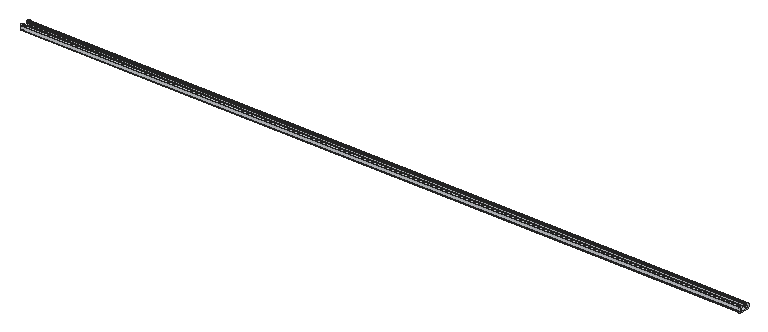
Revit family "P3300 SL", category Specialty Equipment, Revit 2012
Parameters (values of type "P3300 SL")
  ecoScorecard_data = ""
  ecoScorecard Product Page = ""
  Weight Per Foot = 1.30 lbf/ft
  Unit = none
  URL = "http://unistrut.us/index.php"
  Subcategory = "1 5/8\" Channels"
  Product Page URL = "http://unistrut.us/index.php?WP=cat_detail&S=S05&P=P3300sl"
  Part Type = "Channel"  # constant formula
  Part Number = ""
  Overall Width = 1 5/8"  # constant formula
  Overall Height = 7/8"  # constant formula
  Model = "P3300 SL"  # constant formula
  Material = "Multiple Options - See Catalog"
  Manufacturer Toll Free Phone = "800-882-5543"  # constant formula
  Manufacturer Phone = "708-339-1610"  # constant formula
  Manufacturer Fax = "708-339-7814"  # constant formula
  Manufacturer Email = "mailto:jshaw@atkore.com"
  Manufacturer Address = "16100 South Lathrop Avenue, Harvey, IL 60426"  # constant formula
  Manufacturer = "Unistrut by Atkore International"  # constant formula
  Load Capacity Note = "Visit the product page for load application and capacity."  # constant formula
  Literature URL = "http://unistrut.us/index.php?WP=LItLibrary"
  Length [instance] = 120"
  Hole Radius = Hole Diameter / 2  # 9/32"
  Hole Diameter = 9/16"  # constant formula
  Gauge Thickness = "12 Gauge (.105”)"  # constant formula
  Description = "P3300 SL Channel"  # constant formula
  Cost Info = "mailto:questions@atkore.com"
  Construction Note = "Slots are 3\" x 13⁄32\" @ 4\" on Center"
  CSI MasterSpec = "http://www.unistrut.us/a_files/TechRef/Unistrut_CSI_05430.pdf"
  CAD URL = "http://unistrut.us/index.php?WP=CAD3d"
  Assembly Code = "D5020100"
  95 CSI = "16070"  # constant formula
  04 CSI = "26 05 48"  # constant formula
Reference planes (in)
  plane 1 "Center (Front/Back)": y = 0
  plane 2: z = 0
  plane 3 "Center (Left/Right)": x = 0
  plane 4: y = 0.8125
  plane 5: y = -0.8125
  plane 6: z = 0.875
  plane 7: x = -60
  plane 8: x = 60
  plane 9: z = 0.8125
Dimensions and locks (in)
  "Overall Width": plane 4 to plane 5
  equal spacing: plane 4, plane 1 "Center (Front/Back)", plane 5
  "Overall Height": plane 6 to level
  "Length": plane 7 to plane 8
  equal spacing: plane 7, plane 3 "Center (Left/Right)", plane 8
  aligned and locked: level to plane 2
  aligned and locked: plane 1 "Center (Front/Back)" to nested 1
  aligned and locked: plane 3 "Center (Left/Right)" to nested 1
Nested families (in)
  nested 1: "3300 SL" at (0, 0, 0), type "3300 SL"
Definition of nested family "3300 SL"
  Parameters (values of type "3300 SL")
    Width = 1 5/8"
    Unit = none
    Length = 120"
    Hole Spacing On Center = 4"
    Hole Spacing From End = 1/2"
    Hole Radius = 9/32"
    Height = 7/8"
    # Of Array = (Length - Hole Spacing From End * 2) / Hole Spacing On Center  # 30
  Reference planes (in)
    plane 1 "Center (Front/Back)": y = 0
    plane 2: z = 0
    plane 3 "Center (Left/Right)": x = 0
    plane 4: z = 0.875
    plane 5: x = -60
    plane 6: x = 60
    plane 7: y = 0.8125
    plane 8: y = -0.8125
    plane 9: x = -55.5
    plane 10: z = 0.40625
    plane 11: z = 0.105
    plane 12: x = -59.5
    plane 13: z = 0.105
  Forms (in)
    Sweep 1, solid, material <- "Unit", detail levels fine
      path origin (0, 0, 0) x (1, 0, 0) y (0, 1, 0)
        loop
          line (-60, 0) -> (60, 0)
      profile origin (0, 0, 0) x (0, 1, 0) y (0, 0, 1)
        loop
          line (-0.7075, 0.13625) -> (-0.7075, 0.67625)
          arc (-0.7075, 0.67625) -> (-0.68004, 0.74254) -> (-0.61375, 0.77) r 0.09375
          line (-0.61375, 0.77) -> (-0.57375, 0.77)
          arc (-0.57375, 0.77) -> (-0.55165, 0.76085) -> (-0.5425, 0.73875) r 0.03125
          line (-0.5425, 0.73875) -> (-0.5425, 0.6465)
          arc (-0.5425, 0.6465) -> (-0.49, 0.594) -> (-0.4375, 0.6465) r 0.0525
          line (-0.4375, 0.6465) -> (-0.4375, 0.73875)
          arc (-0.4375, 0.73875) -> (-0.47741, 0.83509) -> (-0.57375, 0.875) r 0.13625
          line (-0.57375, 0.875) -> (-0.61375, 0.875)
          arc (-0.61375, 0.875) -> (-0.75429, 0.81679) -> (-0.8125, 0.67625) r 0.19875
          line (-0.8125, 0.67625) -> (-0.8125, 0.13625)
          arc (-0.8125, 0.13625) -> (-0.77259, 0.03991) -> (-0.67625, 0) r 0.13625
          line (-0.67625, 0) -> (0.67625, 0)
          arc (0.67625, 0) -> (0.77259, 0.03991) -> (0.8125, 0.13625) r 0.13625
          line (0.8125, 0.13625) -> (0.8125, 0.67625)
          arc (0.8125, 0.67625) -> (0.75429, 0.81679) -> (0.61375, 0.875) r 0.19875
          line (0.61375, 0.875) -> (0.57375, 0.875)
          arc (0.57375, 0.875) -> (0.47741, 0.83509) -> (0.4375, 0.73875) r 0.13625
          line (0.4375, 0.73875) -> (0.4375, 0.6465)
          arc (0.4375, 0.6465) -> (0.49, 0.594) -> (0.5425, 0.6465) r 0.0525
          line (0.5425, 0.6465) -> (0.5425, 0.73875)
          arc (0.5425, 0.73875) -> (0.55165, 0.76085) -> (0.57375, 0.77) r 0.03125
          line (0.57375, 0.77) -> (0.61375, 0.77)
          arc (0.61375, 0.77) -> (0.68004, 0.74254) -> (0.7075, 0.67625) r 0.09375
          line (0.7075, 0.67625) -> (0.7075, 0.13625)
          arc (0.7075, 0.13625) -> (0.69835, 0.11415) -> (0.67625, 0.105) r 0.03125
          line (0.67625, 0.105) -> (-0.67625, 0.105)
          arc (-0.67625, 0.105) -> (-0.69835, 0.11415) -> (-0.7075, 0.13625) r 0.03125
    Extrusion 2, void
      sketch origin (0, 0, 0) x (1, 0, 0) y (0, 1, 0)
        loop
          arc (-59.29687, 0.20312) -> (-59.5, 0) -> (-59.29687, -0.20313) r 0.20312
          line (-59.29687, -0.20313) -> (-56.69885, -0.20312)
          arc (-56.69885, -0.20312) -> (-56.49573, 0) -> (-56.69885, 0.20312) r 0.20312
          line (-56.69885, 0.20312) -> (-59.29687, 0.20312)
      from 0 to 0.105
    Extrusion 3, void
      sketch origin (4, 0, 0) x (1, 0, 0) y (0, 1, 0)
        loop
          arc (-59.29687, 0.20312) -> (-59.5, 0) -> (-59.29687, -0.20313) r 0.20312
          line (-59.29687, -0.20313) -> (-56.69885, -0.20312)
          arc (-56.69885, -0.20312) -> (-56.49573, 0) -> (-56.69885, 0.20312) r 0.20312
          line (-56.69885, 0.20312) -> (-59.29687, 0.20312)
      from 0 to 0.105
    Extrusion 4, void
      sketch origin (8, 0, 0) x (1, 0, 0) y (0, 1, 0)
        loop
          arc (-59.29687, 0.20312) -> (-59.5, 0) -> (-59.29687, -0.20313) r 0.20312
          line (-59.29687, -0.20313) -> (-56.69885, -0.20312)
          arc (-56.69885, -0.20312) -> (-56.49573, 0) -> (-56.69885, 0.20312) r 0.20312
          line (-56.69885, 0.20312) -> (-59.29687, 0.20312)
      from 0 to 0.105
    Extrusion 5, void
      sketch origin (12, 0, 0) x (1, 0, 0) y (0, 1, 0)
        loop
          arc (-59.29687, 0.20312) -> (-59.5, 0) -> (-59.29687, -0.20313) r 0.20312
          line (-59.29687, -0.20313) -> (-56.69885, -0.20312)
          arc (-56.69885, -0.20312) -> (-56.49573, 0) -> (-56.69885, 0.20312) r 0.20312
          line (-56.69885, 0.20312) -> (-59.29687, 0.20312)
      from 0 to 0.105
    Extrusion 6, void
      sketch origin (16, 0, 0) x (1, 0, 0) y (0, 1, 0)
        loop
          arc (-59.29687, 0.20312) -> (-59.5, 0) -> (-59.29687, -0.20313) r 0.20312
          line (-59.29687, -0.20313) -> (-56.69885, -0.20312)
          arc (-56.69885, -0.20312) -> (-56.49573, 0) -> (-56.69885, 0.20312) r 0.20312
          line (-56.69885, 0.20312) -> (-59.29687, 0.20312)
      from 0 to 0.105
    Extrusion 7, void
      sketch origin (20, 0, 0) x (1, 0, 0) y (0, 1, 0)
        loop
          arc (-59.29687, 0.20312) -> (-59.5, 0) -> (-59.29687, -0.20313) r 0.20312
          line (-59.29687, -0.20313) -> (-56.69885, -0.20312)
          arc (-56.69885, -0.20312) -> (-56.49573, 0) -> (-56.69885, 0.20312) r 0.20312
          line (-56.69885, 0.20312) -> (-59.29687, 0.20312)
      from 0 to 0.105
    Extrusion 8, void
      sketch origin (24, 0, 0) x (1, 0, 0) y (0, 1, 0)
        loop
          arc (-59.29687, 0.20312) -> (-59.5, 0) -> (-59.29687, -0.20313) r 0.20312
          line (-59.29687, -0.20313) -> (-56.69885, -0.20312)
          arc (-56.69885, -0.20312) -> (-56.49573, 0) -> (-56.69885, 0.20312) r 0.20312
          line (-56.69885, 0.20312) -> (-59.29687, 0.20312)
      from 0 to 0.105
    Extrusion 9, void
      sketch origin (28, 0, 0) x (1, 0, 0) y (0, 1, 0)
        loop
          arc (-59.29687, 0.20312) -> (-59.5, 0) -> (-59.29687, -0.20313) r 0.20312
          line (-59.29687, -0.20313) -> (-56.69885, -0.20312)
          arc (-56.69885, -0.20312) -> (-56.49573, 0) -> (-56.69885, 0.20312) r 0.20312
          line (-56.69885, 0.20312) -> (-59.29687, 0.20312)
      from 0 to 0.105
    Extrusion 10, void
      sketch origin (32, 0, 0) x (1, 0, 0) y (0, 1, 0)
        loop
          arc (-59.29687, 0.20312) -> (-59.5, 0) -> (-59.29687, -0.20313) r 0.20312
          line (-59.29687, -0.20313) -> (-56.69885, -0.20312)
          arc (-56.69885, -0.20312) -> (-56.49573, 0) -> (-56.69885, 0.20312) r 0.20312
          line (-56.69885, 0.20312) -> (-59.29687, 0.20312)
      from 0 to 0.105
    Extrusion 11, void
      sketch origin (36, 0, 0) x (1, 0, 0) y (0, 1, 0)
        loop
          arc (-59.29687, 0.20312) -> (-59.5, 0) -> (-59.29687, -0.20313) r 0.20312
          line (-59.29687, -0.20313) -> (-56.69885, -0.20312)
          arc (-56.69885, -0.20312) -> (-56.49573, 0) -> (-56.69885, 0.20312) r 0.20312
          line (-56.69885, 0.20312) -> (-59.29687, 0.20312)
      from 0 to 0.105
    Extrusion 12, void
      sketch origin (40, 0, 0) x (1, 0, 0) y (0, 1, 0)
        loop
          arc (-59.29687, 0.20312) -> (-59.5, 0) -> (-59.29687, -0.20313) r 0.20312
          line (-59.29687, -0.20313) -> (-56.69885, -0.20312)
          arc (-56.69885, -0.20312) -> (-56.49573, 0) -> (-56.69885, 0.20312) r 0.20312
          line (-56.69885, 0.20312) -> (-59.29687, 0.20312)
      from 0 to 0.105
    Extrusion 13, void
      sketch origin (44, 0, 0) x (1, 0, 0) y (0, 1, 0)
        loop
          arc (-59.29687, 0.20312) -> (-59.5, 0) -> (-59.29687, -0.20313) r 0.20312
          line (-59.29687, -0.20313) -> (-56.69885, -0.20312)
          arc (-56.69885, -0.20312) -> (-56.49573, 0) -> (-56.69885, 0.20312) r 0.20312
          line (-56.69885, 0.20312) -> (-59.29687, 0.20312)
      from 0 to 0.105
    Extrusion 14, void
      sketch origin (48, 0, 0) x (1, 0, 0) y (0, 1, 0)
        loop
          arc (-59.29687, 0.20312) -> (-59.5, 0) -> (-59.29687, -0.20313) r 0.20312
          line (-59.29687, -0.20313) -> (-56.69885, -0.20312)
          arc (-56.69885, -0.20312) -> (-56.49573, 0) -> (-56.69885, 0.20312) r 0.20312
          line (-56.69885, 0.20312) -> (-59.29687, 0.20312)
      from 0 to 0.105
    Extrusion 15, void
      sketch origin (52, 0, 0) x (1, 0, 0) y (0, 1, 0)
        loop
          arc (-59.29687, 0.20312) -> (-59.5, 0) -> (-59.29687, -0.20313) r 0.20312
          line (-59.29687, -0.20313) -> (-56.69885, -0.20312)
          arc (-56.69885, -0.20312) -> (-56.49573, 0) -> (-56.69885, 0.20312) r 0.20312
          line (-56.69885, 0.20312) -> (-59.29687, 0.20312)
      from 0 to 0.105
    Extrusion 16, void
      sketch origin (56, 0, 0) x (1, 0, 0) y (0, 1, 0)
        loop
          arc (-59.29687, 0.20312) -> (-59.5, 0) -> (-59.29687, -0.20313) r 0.20312
          line (-59.29687, -0.20313) -> (-56.69885, -0.20312)
          arc (-56.69885, -0.20312) -> (-56.49573, 0) -> (-56.69885, 0.20312) r 0.20312
          line (-56.69885, 0.20312) -> (-59.29687, 0.20312)
      from 0 to 0.105
    Extrusion 17, void
      sketch origin (60, 0, 0) x (1, 0, 0) y (0, 1, 0)
        loop
          arc (-59.29687, 0.20312) -> (-59.5, 0) -> (-59.29687, -0.20313) r 0.20312
          line (-59.29687, -0.20313) -> (-56.69885, -0.20312)
          arc (-56.69885, -0.20312) -> (-56.49573, 0) -> (-56.69885, 0.20312) r 0.20312
          line (-56.69885, 0.20312) -> (-59.29687, 0.20312)
      from 0 to 0.105
    Extrusion 18, void
      sketch origin (64, 0, 0) x (1, 0, 0) y (0, 1, 0)
        loop
          arc (-59.29687, 0.20312) -> (-59.5, 0) -> (-59.29687, -0.20313) r 0.20312
          line (-59.29687, -0.20313) -> (-56.69885, -0.20312)
          arc (-56.69885, -0.20312) -> (-56.49573, 0) -> (-56.69885, 0.20312) r 0.20312
          line (-56.69885, 0.20312) -> (-59.29687, 0.20312)
      from 0 to 0.105
    Extrusion 19, void
      sketch origin (68, 0, 0) x (1, 0, 0) y (0, 1, 0)
        loop
          arc (-59.29687, 0.20312) -> (-59.5, 0) -> (-59.29687, -0.20313) r 0.20312
          line (-59.29687, -0.20313) -> (-56.69885, -0.20312)
          arc (-56.69885, -0.20312) -> (-56.49573, 0) -> (-56.69885, 0.20312) r 0.20312
          line (-56.69885, 0.20312) -> (-59.29687, 0.20312)
      from 0 to 0.105
    Extrusion 20, void
      sketch origin (72, 0, 0) x (1, 0, 0) y (0, 1, 0)
        loop
          arc (-59.29687, 0.20312) -> (-59.5, 0) -> (-59.29687, -0.20313) r 0.20312
          line (-59.29687, -0.20313) -> (-56.69885, -0.20312)
          arc (-56.69885, -0.20312) -> (-56.49573, 0) -> (-56.69885, 0.20312) r 0.20312
          line (-56.69885, 0.20312) -> (-59.29687, 0.20312)
      from 0 to 0.105
    Extrusion 21, void
      sketch origin (76, 0, 0) x (1, 0, 0) y (0, 1, 0)
        loop
          arc (-59.29687, 0.20312) -> (-59.5, 0) -> (-59.29687, -0.20313) r 0.20312
          line (-59.29687, -0.20313) -> (-56.69885, -0.20312)
          arc (-56.69885, -0.20312) -> (-56.49573, 0) -> (-56.69885, 0.20312) r 0.20312
          line (-56.69885, 0.20312) -> (-59.29687, 0.20312)
      from 0 to 0.105
    Extrusion 22, void
      sketch origin (80, 0, 0) x (1, 0, 0) y (0, 1, 0)
        loop
          arc (-59.29687, 0.20312) -> (-59.5, 0) -> (-59.29687, -0.20313) r 0.20312
          line (-59.29687, -0.20313) -> (-56.69885, -0.20312)
          arc (-56.69885, -0.20312) -> (-56.49573, 0) -> (-56.69885, 0.20312) r 0.20312
          line (-56.69885, 0.20312) -> (-59.29687, 0.20312)
      from 0 to 0.105
    Extrusion 23, void
      sketch origin (84, 0, 0) x (1, 0, 0) y (0, 1, 0)
        loop
          arc (-59.29687, 0.20312) -> (-59.5, 0) -> (-59.29687, -0.20313) r 0.20312
          line (-59.29687, -0.20313) -> (-56.69885, -0.20312)
          arc (-56.69885, -0.20312) -> (-56.49573, 0) -> (-56.69885, 0.20312) r 0.20312
          line (-56.69885, 0.20312) -> (-59.29687, 0.20312)
      from 0 to 0.105
    Extrusion 24, void
      sketch origin (88, 0, 0) x (1, 0, 0) y (0, 1, 0)
        loop
          arc (-59.29687, 0.20312) -> (-59.5, 0) -> (-59.29687, -0.20313) r 0.20312
          line (-59.29687, -0.20313) -> (-56.69885, -0.20312)
          arc (-56.69885, -0.20312) -> (-56.49573, 0) -> (-56.69885, 0.20312) r 0.20312
          line (-56.69885, 0.20312) -> (-59.29687, 0.20312)
      from 0 to 0.105
    Extrusion 25, void
      sketch origin (92, 0, 0) x (1, 0, 0) y (0, 1, 0)
        loop
          arc (-59.29687, 0.20312) -> (-59.5, 0) -> (-59.29687, -0.20313) r 0.20312
          line (-59.29687, -0.20313) -> (-56.69885, -0.20312)
          arc (-56.69885, -0.20312) -> (-56.49573, 0) -> (-56.69885, 0.20312) r 0.20312
          line (-56.69885, 0.20312) -> (-59.29687, 0.20312)
      from 0 to 0.105
    Extrusion 26, void
      sketch origin (96, 0, 0) x (1, 0, 0) y (0, 1, 0)
        loop
          arc (-59.29687, 0.20312) -> (-59.5, 0) -> (-59.29687, -0.20313) r 0.20312
          line (-59.29687, -0.20313) -> (-56.69885, -0.20312)
          arc (-56.69885, -0.20312) -> (-56.49573, 0) -> (-56.69885, 0.20312) r 0.20312
          line (-56.69885, 0.20312) -> (-59.29687, 0.20312)
      from 0 to 0.105
    Extrusion 27, void
      sketch origin (100, 0, 0) x (1, 0, 0) y (0, 1, 0)
        loop
          arc (-59.29687, 0.20312) -> (-59.5, 0) -> (-59.29687, -0.20313) r 0.20312
          line (-59.29687, -0.20313) -> (-56.69885, -0.20312)
          arc (-56.69885, -0.20312) -> (-56.49573, 0) -> (-56.69885, 0.20312) r 0.20312
          line (-56.69885, 0.20312) -> (-59.29687, 0.20312)
      from 0 to 0.105
    Extrusion 28, void
      sketch origin (104, 0, 0) x (1, 0, 0) y (0, 1, 0)
        loop
          arc (-59.29687, 0.20312) -> (-59.5, 0) -> (-59.29687, -0.20313) r 0.20312
          line (-59.29687, -0.20313) -> (-56.69885, -0.20312)
          arc (-56.69885, -0.20312) -> (-56.49573, 0) -> (-56.69885, 0.20312) r 0.20312
          line (-56.69885, 0.20312) -> (-59.29687, 0.20312)
      from 0 to 0.105
    Extrusion 29, void
      sketch origin (108, 0, 0) x (1, 0, 0) y (0, 1, 0)
        loop
          arc (-59.29687, 0.20312) -> (-59.5, 0) -> (-59.29687, -0.20313) r 0.20312
          line (-59.29687, -0.20313) -> (-56.69885, -0.20312)
          arc (-56.69885, -0.20312) -> (-56.49573, 0) -> (-56.69885, 0.20312) r 0.20312
          line (-56.69885, 0.20312) -> (-59.29687, 0.20312)
      from 0 to 0.105
    Extrusion 30, void
      sketch origin (112, 0, 0) x (1, 0, 0) y (0, 1, 0)
        loop
          arc (-59.29687, 0.20312) -> (-59.5, 0) -> (-59.29687, -0.20313) r 0.20312
          line (-59.29687, -0.20313) -> (-56.69885, -0.20312)
          arc (-56.69885, -0.20312) -> (-56.49573, 0) -> (-56.69885, 0.20312) r 0.20312
          line (-56.69885, 0.20312) -> (-59.29687, 0.20312)
      from 0 to 0.105
    Extrusion 31, void
      sketch origin (116, 0, 0) x (1, 0, 0) y (0, 1, 0)
        loop
          arc (-59.29687, 0.20312) -> (-59.5, 0) -> (-59.29687, -0.20313) r 0.20312
          line (-59.29687, -0.20313) -> (-56.69885, -0.20312)
          arc (-56.69885, -0.20312) -> (-56.49573, 0) -> (-56.69885, 0.20312) r 0.20312
          line (-56.69885, 0.20312) -> (-59.29687, 0.20312)
      from 0 to 0.105
  Cuts and joins
    Extrusion 2, Extrusion 3, Extrusion 4, Extrusion 5, Extrusion 6, Extrusion 7, Extrusion 8, Extrusion 9, Extrusion 10, Extrusion 11, Extrusion 12, Extrusion 13, Extrusion 14, Extrusion 15, Extrusion 16, Extrusion 17, Extrusion 18, Extrusion 19, Extrusion 20, Extrusion 21, Extrusion 22, Extrusion 23, Extrusion 24, Extrusion 25, Extrusion 26, Extrusion 27, Extrusion 28, Extrusion 29, Extrusion 30, Extrusion 31 cuts Sweep 1
  Lines and regions (in)
    symbolic lines, style "Channel"
      curve 1: line (-60, 0.8125, 0) -> (60, 0.8125, 0)
      curve 2: line (-60, -0.8125, 0) -> (-60, 0.8125, 0)
      curve 3: line (60, -0.8125, 0) -> (-60, -0.8125, 0)
      curve 4: line (60, 0.8125, 0) -> (60, -0.8125, 0)
    symbolic lines, style "Channel", detail levels fine
      curve 5: line (-60, 0.43915, 0) -> (60, 0.43915, 0)
      curve 6: line (-60, -0.4375, 0) -> (60, -0.4375, 0)
  Dimensions and locks (in)
    plane 4 to level = 7/8"
    equal spacing: plane 8, plane 1 "Center (Front/Back)", plane 7
    equal spacing: plane 5, plane 3 "Center (Left/Right)", plane 6
    "Length": plane 5 to plane 6
    "Hole Spacing On Center": plane 12 to plane 9
    "Hole Spacing From End": plane 5 to plane 12
    locked: plane 13 to level at 0.105
    equal spacing: group 1, group 2, group 3, group 4, group 5, group 6, group 7, group 8, group 9, group 10, group 11, group 12, group 13, group 14, group 15, group 16, group 17, group 18, group 19, group 20, group 21, group 22, group 23, group 24, group 25, group 26, group 27, group 28, group 29, group 30  (x3)
    aligned and locked: level to plane 2
    aligned and locked: plane 5 to Sweep 1 sketch curve
    aligned and locked: plane 6 to Sweep 1 sketch curve
    aligned and locked: plane 1 "Center (Front/Back)" to Sweep 1 sketch curve
    aligned and locked: curve 1 to Sweep 1
    aligned and locked: curve 3 to Sweep 1
    aligned and locked: curve 4 to Sweep 1
    aligned and locked: plane 6 to curve 5
    aligned and locked: plane 3 "Center (Left/Right)" to nested 1
    aligned and locked: plane 1 "Center (Front/Back)" to nested 1
    aligned and locked: nested 2 to plane 12
    aligned and locked: nested 2 to plane 1 "Center (Front/Back)"
    aligned and locked: plane 13 to nested 2
    aligned and locked: nested 3 to plane 9
    aligned and locked: nested 3 to plane 1 "Center (Front/Back)"
    aligned and locked: Extrusion 2 to cut or joined group 1 (Sweep 1, Extrusion 2, Extrusion 3, Extrusion 4, Extrusion 5, Extrusion 6, Extrusion 7, Extrusion 8, Extrusion 9, Extrusion 10, Extrusion 11, Extrusion 12, Extrusion 13, Extrusion 14, Extrusion 15, Extrusion 16, Extrusion 17, Extrusion 18, Extrusion 19, Extrusion 20, Extrusion 21, Extrusion 22, Extrusion 23, Extrusion 24, Extrusion 25, Extrusion 26, Extrusion 27, Extrusion 28, Extrusion 29, Extrusion 30, Extrusion 31)
    aligned and locked: cut or joined group 1 to Extrusion 2
  Automatic sketch dimensions
    Sweep 1 sketch curve to Sweep 1 sketch curve = 0"  (x12)
    Sweep 1 sketch curve to level = 0"
    profile plane to Sweep 1 sketch curve = 13/16"
    Sweep 1 sketch curve to Sweep 1 sketch curve = 0.105"
    Sweep 1 sketch curve to Sweep 1 sketch curve = 1/32"  (x3)
    Sweep 1 sketch curve to Sweep 1 sketch curve = 3/32"
    Sweep 1 sketch curve to Sweep 1 sketch curve = 0.04"  (x2)
    Sweep 1 sketch curve to profile plane = 7/16"
    level to Sweep 1 sketch curve = 0.13625"
    Sweep 1 sketch curve to Sweep 1 sketch curve = 0.13375"
    Sweep 1 sketch curve to Sweep 1 sketch curve = 0.51025"  (x2)
    Sweep 1 sketch curve to Sweep 1 sketch curve = 0.02975"  (x2)
    curve 6 to plane 5 = 0"
    curve 6 to plane 8 = 3/8"
    curve 5 to curve 1 = 0.37335"
    Extrusion 2 sketch curve to Extrusion 2 sketch curve = 2.59802"
    Extrusion 3 sketch curve to Extrusion 3 sketch curve = 2.59802"
    Extrusion 4 sketch curve to Extrusion 4 sketch curve = 2.59802"
    Extrusion 5 sketch curve to Extrusion 5 sketch curve = 2.59802"
    Extrusion 6 sketch curve to Extrusion 6 sketch curve = 2.59802"
    Extrusion 7 sketch curve to Extrusion 7 sketch curve = 2.59802"
    Extrusion 8 sketch curve to Extrusion 8 sketch curve = 2.59802"
    Extrusion 9 sketch curve to Extrusion 9 sketch curve = 2.59802"
    Extrusion 10 sketch curve to Extrusion 10 sketch curve = 2.59802"
    Extrusion 11 sketch curve to Extrusion 11 sketch curve = 2.59802"
    Extrusion 12 sketch curve to Extrusion 12 sketch curve = 2.59802"
    Extrusion 13 sketch curve to Extrusion 13 sketch curve = 2.59802"
    Extrusion 14 sketch curve to Extrusion 14 sketch curve = 2.59802"
    Extrusion 15 sketch curve to Extrusion 15 sketch curve = 2.59802"
    Extrusion 16 sketch curve to Extrusion 16 sketch curve = 2.59802"
    Extrusion 17 sketch curve to Extrusion 17 sketch curve = 2.59802"
    Extrusion 18 sketch curve to Extrusion 18 sketch curve = 2.59802"
    Extrusion 19 sketch curve to Extrusion 19 sketch curve = 2.59802"
    Extrusion 20 sketch curve to Extrusion 20 sketch curve = 2.59802"
    Extrusion 21 sketch curve to Extrusion 21 sketch curve = 2.59802"
    Extrusion 22 sketch curve to Extrusion 22 sketch curve = 2.59802"
    Extrusion 23 sketch curve to Extrusion 23 sketch curve = 2.59802"
    Extrusion 24 sketch curve to Extrusion 24 sketch curve = 2.59802"
    Extrusion 25 sketch curve to Extrusion 25 sketch curve = 2.59802"
    Extrusion 26 sketch curve to Extrusion 26 sketch curve = 2.59802"
    Extrusion 27 sketch curve to Extrusion 27 sketch curve = 2.59802"
    Extrusion 28 sketch curve to Extrusion 28 sketch curve = 2.59802"
    Extrusion 29 sketch curve to Extrusion 29 sketch curve = 2.59802"
    Extrusion 30 sketch curve to Extrusion 30 sketch curve = 2.59802"
    Extrusion 31 sketch curve to Extrusion 31 sketch curve = 2.59802"
    Extrusion 2 sketch curve to Extrusion 2 sketch curve = 13/64"
    Extrusion 3 sketch curve to Extrusion 3 sketch curve = 13/64"
    Extrusion 4 sketch curve to Extrusion 4 sketch curve = 13/64"
    Extrusion 5 sketch curve to Extrusion 5 sketch curve = 13/64"
    Extrusion 6 sketch curve to Extrusion 6 sketch curve = 13/64"
    Extrusion 7 sketch curve to Extrusion 7 sketch curve = 13/64"
    Extrusion 8 sketch curve to Extrusion 8 sketch curve = 13/64"
    Extrusion 9 sketch curve to Extrusion 9 sketch curve = 13/64"
    Extrusion 10 sketch curve to Extrusion 10 sketch curve = 13/64"
    Extrusion 11 sketch curve to Extrusion 11 sketch curve = 13/64"
    Extrusion 12 sketch curve to Extrusion 12 sketch curve = 13/64"
    Extrusion 13 sketch curve to Extrusion 13 sketch curve = 13/64"
    Extrusion 14 sketch curve to Extrusion 14 sketch curve = 13/64"
    Extrusion 15 sketch curve to Extrusion 15 sketch curve = 13/64"
    Extrusion 16 sketch curve to Extrusion 16 sketch curve = 13/64"
    Extrusion 17 sketch curve to Extrusion 17 sketch curve = 13/64"
    Extrusion 18 sketch curve to Extrusion 18 sketch curve = 13/64"
    Extrusion 19 sketch curve to Extrusion 19 sketch curve = 13/64"
    Extrusion 20 sketch curve to Extrusion 20 sketch curve = 13/64"
    Extrusion 21 sketch curve to Extrusion 21 sketch curve = 13/64"
    Extrusion 22 sketch curve to Extrusion 22 sketch curve = 13/64"
    Extrusion 23 sketch curve to Extrusion 23 sketch curve = 13/64"
    Extrusion 24 sketch curve to Extrusion 24 sketch curve = 13/64"
    Extrusion 25 sketch curve to Extrusion 25 sketch curve = 13/64"
    Extrusion 26 sketch curve to Extrusion 26 sketch curve = 13/64"
    Extrusion 27 sketch curve to Extrusion 27 sketch curve = 13/64"
    Extrusion 28 sketch curve to Extrusion 28 sketch curve = 13/64"
    Extrusion 29 sketch curve to Extrusion 29 sketch curve = 13/64"
    Extrusion 30 sketch curve to Extrusion 30 sketch curve = 13/64"
    Extrusion 31 sketch curve to Extrusion 31 sketch curve = 13/64"
  Nested families (in)
    nested 1: "HS Coarse" at (0, 0, 0), type "HS Coarse", detail levels coarse+medium
      with Length 120"
    nested 2: "Model Line" at (-57.0625, 0, 0.105) x (0, 1, 0) z (0, 0, 1), type "Model Line"
    nested 3: "Model Line" at (-53.0625, 0, 0.105) x (0, 1, 0) z (0, 0, 1), type "Model Line"
    nested 4: "Model Line" at (-49.0625, 0, 0.105) x (0, 1, 0) z (0, 0, 1), type "Model Line"
    nested 5: "Model Line" at (-45.0625, 0, 0.105) x (0, 1, 0) z (0, 0, 1), type "Model Line"
    nested 6: "Model Line" at (-41.0625, 0, 0.105) x (0, 1, 0) z (0, 0, 1), type "Model Line"
    nested 7: "Model Line" at (-37.0625, 0, 0.105) x (0, 1, 0) z (0, 0, 1), type "Model Line"
    nested 8: "Model Line" at (-33.0625, 0, 0.105) x (0, 1, 0) z (0, 0, 1), type "Model Line"
    nested 9: "Model Line" at (-29.0625, 0, 0.105) x (0, 1, 0) z (0, 0, 1), type "Model Line"
    nested 10: "Model Line" at (-25.0625, 0, 0.105) x (0, 1, 0) z (0, 0, 1), type "Model Line"
    nested 11: "Model Line" at (-21.0625, 0, 0.105) x (0, 1, 0) z (0, 0, 1), type "Model Line"
    nested 12: "Model Line" at (-17.0625, 0, 0.105) x (0, 1, 0) z (0, 0, 1), type "Model Line"
    nested 13: "Model Line" at (-13.0625, 0, 0.105) x (0, 1, 0) z (0, 0, 1), type "Model Line"
    nested 14: "Model Line" at (-9.0625, 0, 0.105) x (0, 1, 0) z (0, 0, 1), type "Model Line"
    nested 15: "Model Line" at (-5.0625, 0, 0.105) x (0, 1, 0) z (0, 0, 1), type "Model Line"
    nested 16: "Model Line" at (-1.0625, 0, 0.105) x (0, 1, 0) z (0, 0, 1), type "Model Line"
    nested 17: "Model Line" at (2.9375, 0, 0.105) x (0, 1, 0) z (0, 0, 1), type "Model Line"
    nested 18: "Model Line" at (6.9375, 0, 0.105) x (0, 1, 0) z (0, 0, 1), type "Model Line"
    nested 19: "Model Line" at (10.9375, 0, 0.105) x (0, 1, 0) z (0, 0, 1), type "Model Line"
    nested 20: "Model Line" at (14.9375, 0, 0.105) x (0, 1, 0) z (0, 0, 1), type "Model Line"
    nested 21: "Model Line" at (18.9375, 0, 0.105) x (0, 1, 0) z (0, 0, 1), type "Model Line"
    nested 22: "Model Line" at (22.9375, 0, 0.105) x (0, 1, 0) z (0, 0, 1), type "Model Line"
    nested 23: "Model Line" at (26.9375, 0, 0.105) x (0, 1, 0) z (0, 0, 1), type "Model Line"
    nested 24: "Model Line" at (30.9375, 0, 0.105) x (0, 1, 0) z (0, 0, 1), type "Model Line"
    nested 25: "Model Line" at (34.9375, 0, 0.105) x (0, 1, 0) z (0, 0, 1), type "Model Line"
    nested 26: "Model Line" at (38.9375, 0, 0.105) x (0, 1, 0) z (0, 0, 1), type "Model Line"
    nested 27: "Model Line" at (42.9375, 0, 0.105) x (0, 1, 0) z (0, 0, 1), type "Model Line"
    nested 28: "Model Line" at (46.9375, 0, 0.105) x (0, 1, 0) z (0, 0, 1), type "Model Line"
    nested 29: "Model Line" at (50.9375, 0, 0.105) x (0, 1, 0) z (0, 0, 1), type "Model Line"
    nested 30: "Model Line" at (54.9375, 0, 0.105) x (0, 1, 0) z (0, 0, 1), type "Model Line"
    nested 31: "Model Line" at (58.9375, 0, 0.105) x (0, 1, 0) z (0, 0, 1), type "Model Line"
  Definition of nested family "HS Coarse"
    Parameters (values of type "HS Corse")
      Width = 1 5/8"
      Unit = none
      Length = 24"
      Hole Radius = 0.2815"
      Height = 7/8"
    Reference planes (in)
      plane 1 "Center (Front/Back)": y = 0
      plane 2: z = 0
      plane 3 "Center (Left/Right)": x = 0
      plane 4: z = 0.875
      plane 5: x = -12
      plane 6: x = 12
      plane 7: y = 0.8125
      plane 8: y = -0.8125
      plane 9: x = -11.125
      plane 10: x = -9.25
      plane 11: z = 0.40625
    Forms (in)
      Sweep 1, solid, material <- "Unit"
        path origin (0, 0, 0) x (1, 0, 0) y (0, 1, 0)
          loop
            line (-12, 0) -> (12, 0)
        profile origin (0, 0, 0) x (0, 1, 0) y (0, 0, 1)
          loop
            line (-0.8125, 0.875) -> (-0.8125, 0) -> (0.8125, 0) -> (0.8125, 0.875) -> (-0.8125, 0.875)
    Dimensions and locks (in)
      plane 4 to level = 7/8"
      equal spacing: plane 8, plane 1 "Center (Front/Back)", plane 7
      equal spacing: plane 5, plane 3 "Center (Left/Right)", plane 6
      "Length": plane 5 to plane 6
      plane 5 to plane 9 = 7/8"
      plane 9 to plane 10 = 1 7/8"
      aligned and locked: level to plane 2
      aligned and locked: plane 6 to Sweep 1 sketch curve
      aligned and locked: plane 5 to Sweep 1 sketch curve
      aligned and locked: plane 1 "Center (Front/Back)" to Sweep 1 sketch curve
    Automatic sketch dimensions
      Sweep 1 sketch curve to level = 0"
      profile plane to Sweep 1 sketch curve = 13/16"
      Sweep 1 sketch curve to profile plane = 13/16"
      Sweep 1 sketch curve to Sweep 1 sketch curve = 7/8"
  Definition of nested family "Model Line"
    Parameters (values of type "Model Line")
      Hole Radius = 9/32"
    Reference planes (in)
      plane 1 "Center (Front/Back)": y = 0
      plane 2: z = 0
      plane 3 "Center (Left/Right)": x = 0
      plane 4: y = 2.4375
      plane 5: y = -0.5625
      plane 6: x = 0.20313
      plane 7: x = -0.20312
    Lines and regions (in)
      model lines, style "Channel", detail levels fine
        curve 1: line (-0.20312, -0.36365, 0) -> (-0.20312, 2.23437, 0)
        curve 2: line (0.20313, 2.23437, 0) -> (0.20313, -0.36365, 0)
        curve 3: arc (-0.20312, 2.23437, 0) -> (0, 2.4375, 0) -> (0.20313, 2.23437, 0) r 0.20312
        curve 4: arc (-0.20312, -0.36365, 0) -> (0, -0.56677, 0) -> (0.20313, -0.36365, 0) r 0.20312
    Dimensions and locks (in)
      plane 4 to plane 5 = 3"
      plane 7 to plane 6 = 13/32"
      aligned and locked: plane 2 to level
